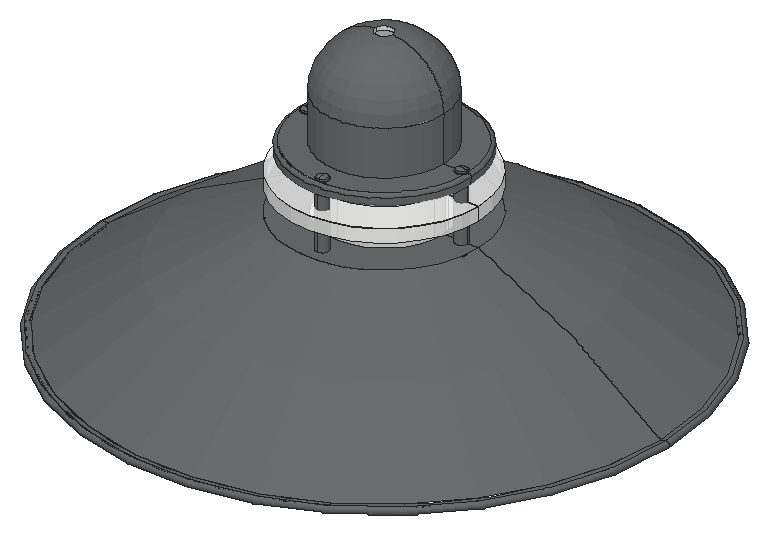
Revit family "UDP18 SHADE", category Lighting Fixtures, Revit 2024
Family settings
  Round Connector Dimension = Use Diameter
  Part Type = Normal
  OmniClass Number = 23.80.70.00
  OmniClass Title = Lighting
  Work Plane-Based = No
  Always vertical = Yes
  Cut with Voids When Loaded = No
  Light Source = Yes
  Maintain Annotation Orientation = No
  Shared = No
  Room Calculation Point = No
Parameters
  Wattage = 12.1178 W
  built-in parameter 1150110 = 1 (stored number, unit not read)
  built-in parameter 1114217 = 1 (stored number, unit not read)
  built-in parameter 1150109 = 1 (stored number, unit not read)
  built-in parameter 1150134 = (empty or 0)
  built-in parameter 1150113 = 1 (stored number, unit not read)
  Lumens = 1800 lm
  built-in parameter 1150115 = 1 (stored number, unit not read)
  built-in parameter 1150105 = 572.96 (stored number, unit not read)
  Light Source Symbol Size = 2' - 0"
  built-in parameter 1150137 = (empty or 0)
  built-in parameter 1150139 = (empty or 0)
  built-in parameter 1150112 = 1 (stored number, unit not read)
  built-in parameter 1150114 = 1 (stored number, unit not read)
  built-in parameter 1150132 = 2
  built-in parameter 1150102 = (empty or 0)
  built-in parameter 1150138 = (empty or 0)
  built-in parameter 1150107 = 3000 (stored number, unit not read)
  built-in parameter 1150106 = 5.7296 (stored number, unit not read)
  built-in parameter 1150104 = 13.8 (stored number, unit not read)
  Dimming Lamp Color Temperature Shift = (empty or 0)
  Default Elevation = 0' - 0"
  Color Filter = 16777215
  built-in parameter 1114218 = 1 (stored number, unit not read)
  built-in parameter 1150133 = 10 (stored number, unit not read)
Reference planes (in)
  plane 1 "Light Source Axis (F/B)": y = 0
  plane 2: z = 0
  plane 3 "Light Source Axis (L/R)": x = 0
  plane 4 "Light Source Elevation": z = 84
Forms (in)
  Revolve 1, solid
    sketch origin (0, 0, 0) x (1, 0, 0) y (0, 0, 1)
      loop
        line (-8.79627, 84.1) -> (-8.72093, 84.1)
        arc (-8.72093, 84.1) -> (-5.97231, 86.01049) -> (-2.97771, 87.50625) r 23.23823
        line (-2.97771, 87.50625) -> (-1.87675, 87.50625) -> (-1.87675, 87.6) -> (-2.99627, 87.6)
        arc (-2.99627, 87.6) -> (-5.99358, 86.10685) -> (-8.74627, 84.2) r 23.33198
        line (-8.74627, 84.2) -> (-8.89627, 84.2)
        arc (-8.89627, 84.2) -> (-8.96698, 84.02929) -> (-8.79627, 84.1) r 0.1
      loop
        line (-2.99627, 88.35) -> (-2.90252, 88.35) -> (-2.90252, 88.68125) -> (-1.87675, 88.68125) -> (-1.87675, 88.775) -> (-2.99627, 88.775) -> (-2.99627, 88.35)
      loop
        line (-2.74627, 89.30044) -> (-2.65252, 89.30044) -> (-2.65252, 89.50669) -> (-1.80252, 89.50669) -> (-1.80252, 91.00044)
        spline (-1.80252, 91.00044) -> (-1.78973, 91.19081) -> (-1.7519, 91.37858) -> (-1.68964, 91.56114) -> (-1.60355, 91.73588) -> (-1.4945, 91.90027) -> (-1.36422, 92.0521) -> (-1.21468, 92.18923) -> (-1.04787, 92.30951) -> (-0.8659, 92.41095) -> (-0.67148, 92.49211) -> (-0.46751, 92.55177) -> (-0.25697, 92.58904)
        line (-0.25697, 92.58904) -> (-0.26826, 92.68211)
        spline (-0.26826, 92.68211) -> (-0.48887, 92.64307) -> (-0.70274, 92.5805) -> (-0.9068, 92.49528) -> (-1.09812, 92.38865) -> (-1.27398, 92.26213) -> (-1.43184, 92.11753) -> (-1.56945, 91.95692) -> (-1.68483, 91.78261) -> (-1.77633, 91.59709) -> (-1.84264, 91.40302) -> (-1.88281, 91.20318) -> (-1.89627, 91.00044)
        line (-1.89627, 91.00044) -> (-1.89627, 89.60044) -> (-2.64627, 89.60044)
        arc (-2.64627, 89.60044) -> (-2.71698, 89.57115) -> (-2.74627, 89.50044) r 0.1
        line (-2.74627, 89.50044) -> (-2.74627, 89.30044)
      loop
        line (-1.59627, 89.30044) -> (-1.59627, 84.2)
        arc (-1.59627, 84.2) -> (-1.078, 83.16461) -> (0, 82.74205) r 1.61528
        line (0, 82.74205) -> (0, 82.83581)
        arc (0, 82.83581) -> (-1.01335, 83.23254) -> (-1.50252, 84.20464) r 1.52153
        line (-1.50252, 84.20464) -> (-1.50252, 89.30044) -> (-1.59627, 89.30044)
      axis (0, 82.74205) -> (0, 92.68211)
    angle from 0 to 360
  Sweep 2, solid
    path origin (0, 0, 0) x (1, 0, 0) y (0, 0, 1)
      loop
        line (-2.4431, 89.60044) -> (-2.4431, 87.6)
    profile origin (-2.4431, 0, 88.60022) x (0, -1, 0) y (1, 0, 0)
      loop
        circle (0, 0) r 0.1875
  Revolve 3, solid
    sketch origin (0, 0, 0) x (1, 0, 0) y (0, 0, 1)
      loop
        arc (-2.44309, 89.68465) -> (-2.52354, 89.67568) -> (-2.59632, 89.64026) r 0.23793
        line (-2.59632, 89.64026) -> (-2.59632, 89.60044) -> (-2.44309, 89.60044) -> (-2.44309, 89.68465)
      axis (-2.44309, 89.68465) -> (-2.44309, 89.60044)
    angle from 0 to 360
  Sweep 4, solid
    path origin (0, 0, 0) x (0, -1, 0) y (0, 0, 1)
      loop
        line (-2.4431, 89.60044) -> (-2.4431, 87.6)
    profile origin (0, 2.4431, 88.60022) x (-1, 0, 0) y (0, -1, 0)
      loop
        circle (0, 0) r 0.1875
  Revolve 5, solid
    sketch origin (0, 0, 0) x (0, -1, 0) y (0, 0, 1)
      loop
        arc (-2.44309, 89.68465) -> (-2.52354, 89.67568) -> (-2.59632, 89.64026) r 0.23793
        line (-2.59632, 89.64026) -> (-2.59632, 89.60044) -> (-2.44309, 89.60044) -> (-2.44309, 89.68465)
      axis (-2.44309, 89.68465) -> (-2.44309, 89.60044)
    angle from 0 to 360
  Sweep 6, solid
    path origin (0, 0, 0) x (0, 1, 0) y (0, 0, 1)
      loop
        line (-2.4431, 89.60044) -> (-2.4431, 87.6)
    profile origin (0, -2.4431, 88.60022) x (1, 0, 0) y (0, 1, 0)
      loop
        circle (0, 0) r 0.1875
  Revolve 7, solid
    sketch origin (0, 0, 0) x (0, 1, 0) y (0, 0, 1)
      loop
        arc (-2.44309, 89.68465) -> (-2.52354, 89.67568) -> (-2.59632, 89.64026) r 0.23793
        line (-2.59632, 89.64026) -> (-2.59632, 89.60044) -> (-2.44309, 89.60044) -> (-2.44309, 89.68465)
      axis (-2.44309, 89.68465) -> (-2.44309, 89.60044)
    angle from 0 to 360
  Sweep 8, solid
    path origin (0, 0, 0) x (-1, 0, 0) y (0, 0, 1)
      loop
        line (-2.4431, 89.60044) -> (-2.4431, 87.6)
    profile origin (2.4431, 0, 88.60022) x (0, 1, 0) y (-1, 0, 0)
      loop
        circle (0, 0) r 0.1875
  Revolve 9, solid
    sketch origin (0, 0, 0) x (-1, 0, 0) y (0, 0, 1)
      loop
        arc (-2.44309, 89.68465) -> (-2.52354, 89.67568) -> (-2.59632, 89.64026) r 0.23793
        line (-2.59632, 89.64026) -> (-2.59632, 89.60044) -> (-2.44309, 89.60044) -> (-2.44309, 89.68465)
      axis (-2.44309, 89.68465) -> (-2.44309, 89.60044)
    angle from 0 to 360
Dimensions and locks (in)
  aligned and locked: plane 3 "Light Source Axis (L/R)" to imposter light
  aligned and locked: plane 1 "Light Source Axis (F/B)" to imposter light
  aligned and locked: plane 4 "Light Source Elevation" to imposter light
  aligned and locked: level to plane 2
